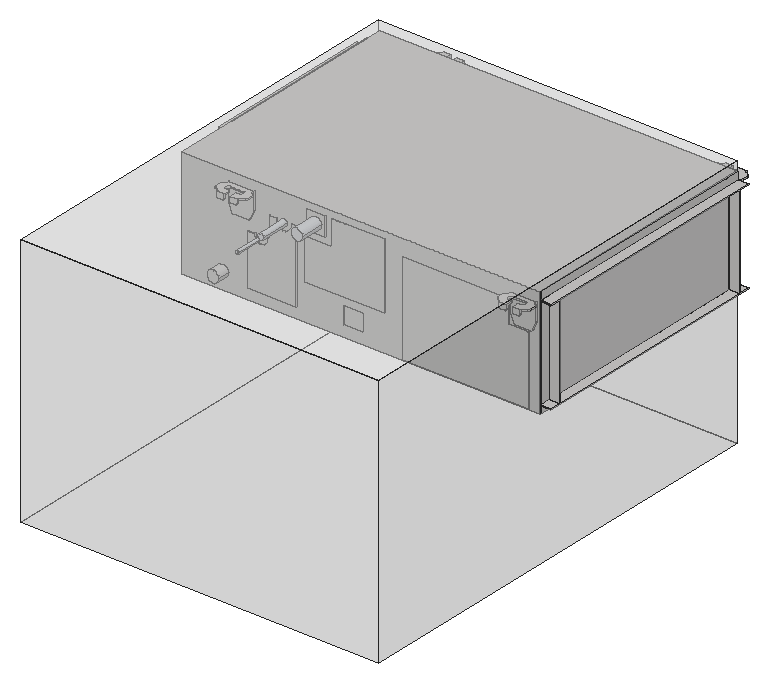
Revit family "outputfile", category 機械設備, Revit 2024
Family settings
  丸型コネクタ寸法 = 半径を使用
  パーツ タイプ = 標準
  OmniClass 番号 = 23.75.10.24.21.27.27
  OmniClass タイトル = Split System Air Conditioning Units
  作業面ベース = いいえ
  常に垂直 = はい
  ロード時にボイドで切り取り = いいえ
  注釈の向きを維持 = いいえ
  共有 = いいえ
  部屋計算ポイント = はい
Parameters (values of type "FXSQ20PAVE8")
  Description = ""
  製造元 = "Daikin"
  書き出し IFC クラス(タイプ) = "IfcUnitaryEquipmentType"
  定義済み IFC タイプ(タイプ) = "AIRCONDITIONINGUNIT"
  Cost = 0
  モデル = "FXSQ20PAVE8"
  Type Comments = ""
  Keynote = ""
  Type Image = (empty or 0)
  Assembly Code = ""
  r_Liquid Pipe Size = Liquid Pipe Size / 2  # 3.2 mm
  r_Gas Pipe Size = Gas Pipe Size / 2  # 6.35 mm
  r_Drain Pipe Size = Drain Pipe Size / 2  # 12.5 mm
  lw_power = 770.0 mm  # constant formula
  lh_SA = 138.0 mm  # constant formula
  lw_SA = if(Depth = 550.0 mm, 225.0 mm, if(Depth = 700.0 mm, 300.0 mm, if(Depth = 1000.0 mm, 450.0 mm, if(Depth = 1400.0 mm, 650.0 mm, 725.0 mm))))  # 225.0 mm
  lw_RA = if(Depth = 550.0 mm, 275.0 mm, if(Depth = 700.0 mm, 349.0 mm, if(Depth = 1000.0 mm, 499.0 mm, if(Depth = 1400.0 mm, 699.0 mm, 775.0 mm))))  # 275.0 mm
  lh_power = 60.0 mm + [h***]  # 60.0 mm
  lh_mountinghole1 = lh_mountinghole + [h***]  # 222.0 mm
  lh_RA = 123.0 mm  # constant formula
  ld_power = Depth / 2  # 275.0 mm
  Voltage_comment_60Hz = "220"
  Voltage_comment_50Hz = "220-240"
  Voltage_60Hz = 220 V
  Voltage_50Hz = 220 V
  URL = ""
  Supply Air Direction [instance] = yes
  Sound Power Level_H speed (dB) = 61
  Phase_60Hz = 1
  Phase_50Hz = 1
  Minimum External Static Pressure = 30.00 Pa
  Minimum Circuit Amps_60Hz = 0.8 A
  Minimum Circuit Amps_50Hz = 0.8 A
  Maximum Fuse Amps_60Hz = 16.0 A
  Maximum Fuse Amps_50Hz = 16.0 A
  Maximum External Static Pressure = 150.00 Pa
  Material_Casing = DAIKIN_GalvanizedSteel_Casing_indoorunit
  lw_mountinghole = 630.0 mm  # constant formula
  lh_gaspipe = 183.0 mm + [h***]  # 183.0 mm
  lh_mountinghole = 222.0 mm  # constant formula
  lh_liquidpipe = 136.0 mm + [h***]  # 136.0 mm
  lh_drainpipe = 207.0 mm + [h***]  # 207.0 mm
  lh_antena = Height - lh_mountinghole + 1.0 mm  # 24.0 mm
  ld_drainpipe = Depth / 2 + 53.0 mm  # 328.0 mm
  ld_liquidpipe = Depth / 2 + 69.0 mm  # 344.0 mm
  ld_gaspipe = Depth / 2 + 65.0 mm  # 340.0 mm
  ld_mountinghole = Depth + 38.0 mm  # 588.0 mm
  h*** = 0.0 mm  # constant formula
  lw_liquidpipe = 179.0 mm  # constant formula
  lw_gaspipe = 229.0 mm  # constant formula
  lw_drainpipe = 300.0 mm  # constant formula
  Width = 800.0 mm
  Version = "ver.1.0"
  Unit Type = "Middle Static Pressure Duct Type"
  Unit Mass Weight = 25.00 kg
  Unit Designation [instance] = ""
  Uniclass2015Version = "Products v1.30"
  Uniclass2015Title = "Variable refrigerant flow units"
  Uniclass2015Code = "Pr_70_65_03_94"
  Total Heating Capacity [instance] = 0.000 kW
  Total Cooling Capacity [instance] = 0.000 kW
  Sound Pressure Level_M speed (dBA) = 0
  Sound Pressure Level_L speed (dBA) = 28
  Sound Pressure Level_H speed (dBA) = 33
  Series = "VRV Fan Coil Unit"
  Sensible Cooling Capacity [instance] = 0.000 kW
  SA Duct Size Width = if(Depth = 550.0 mm, 337.0 mm, if(Depth = 700.0 mm, 492.0 mm, if(Depth = 1000.0 mm, 792.0 mm, if(Depth = 1400.0 mm, 1192.0 mm, 1337.0 mm))))  # 337.0 mm
  SA Duct Size Height = 176.0 mm
  Refrigerant Type = "R410A"
  RA Duct Size Width = if(Depth = 550.0 mm, 502.0 mm, if(Depth = 700.0 mm, 654.0 mm, if(Depth = 1000.0 mm, 952.0 mm, if(Depth = 1400.0 mm, 1352.0 mm, 1502.0 mm))))  # 502.0 mm
  RA Duct Size Height = 208.0 mm
  Power Input (Heating) = 0.099 kW
  Power Input (Cooling) = 0.104 kW
  Option Accessory 3 [instance] = ""
  Option Accessory 2 [instance] = ""
  Option Accessory 1 [instance] = ""
  Nominal Heating Capacity = 2.500 kW
  Nominal Cooling Capacity = 2.200 kW
  Minimum Airflow = 390.00 m³/h
  Median Airflow = 450.00 m³/h
  Maximum Airflow = 540.00 m³/h
  Load Classification = HVAC
  Liquid Pipe Size = 6.4 mm
  Link_Nested Family [instance] = ""
  IfcVersion = "0"
  IfcExportType = "AIRCONDITIONINGUNIT"
  IfcExportAs = "IfcUnitaryEquipmentType"
  Height = 245.0 mm
  Heating Entering Wet Bulb Temperature [instance] = 0.00 °C
  Heating Entering Dry Bulb Temperature [instance] = 0.00 °C
  Heating Ambient Wet Bulb Temperature [instance] = 0.00 °C
  Heating Ambient Dry Bulb Temperature [instance] = 0.00 °C
  Heat Exchanger Type = "Cross Fin Coil"
  Gas Pipe Size = 12.7 mm
  Frequency_60Hz = 60 Hz
  Frequency_50Hz = 50 Hz
  Fan Type = "Sirocco Fan"
  Fan Drive = "Direct Drive"
  FCU Tag No. [instance] = ""
  Drain Pipe Size = 25.0 mm
  Design Supply Airflow [instance] = 0.00 m³/h
  Design Return Airflow [instance] = 0.00 m³/h
  Design External Static Pressure [instance] = 0.00 Pa
  Depth = 550.0 mm
  既定の高さ = 0.0 mm
  Cooling Entering Wet Bulb Temperature [instance] = 0.00 °C
  Cooling Entering Dry Bulb Temperature [instance] = 0.00 °C
  Cooling Ambient Wet Bulb Temperature [instance] = 0.00 °C
  Cooling Ambient Dry Bulb Temperature [instance] = 0.00 °C
  Clearance visibility [instance] = yes
  Clearance Top = 20.0 mm
  Clearance Right = 0.0 mm
  Clearance Rear = 0.0 mm
  Clearance Left = 0.0 mm
  Clearance Front = 450.0 mm
  Clearance Bottom = 300.0 mm
Reference planes
  plane 1 "Center (Front/Back)": y = 0
  plane 2 "h": z = 0
  plane 3 "Center (Left/Right)": x = 0
  plane 4 "Back": y = 275
  plane 5 "Front": y = -275
  plane 6 "Left": x = -400
  plane 7 "Reight": x = 400
  plane 8 "Top": z = 0
  plane 9 "Bottom": z = -245
  plane 10: y = -215
  plane 11: y = 275
  plane 12: y = -725
  plane 13: x = -400
  plane 14: x = 400
  plane 15: z = 20
  plane 16: z = -545
  plane 17: x = -400
  plane 18: x = -399
  plane 19: x = 399
  plane 20: y = 50
  plane 21: y = 0
  plane 22: z = -122
  plane 23: y = -276
  plane 24: z = -109
  plane 25: x = -221
  plane 26: y = -340
  plane 27: z = -62
  plane 28: x = -171
  plane 29: y = -328
  plane 30: z = -38
  plane 31: x = -100
  plane 32: x = -100
  plane 33: x = -221
  plane 34: x = -171
  plane 35: x = 370
  plane 36: x = -266
  plane 37: x = 364
  plane 38: y = -294
  plane 39: y = 294
  plane 40: z = -23
  plane 41: z = -107
  plane 42: y = -344
  plane 43: z = -207
  plane 44: x = -309
  plane 45: y = -301
  plane 46: x = -251
  plane 47: x = -203
  plane 48: x = -144
  plane 49: z = -59
  plane 50: z = -106
  plane 51: z = -221
  plane 52: z = -109
  plane 53: x = -221
  plane 54: z = -62
  plane 55: x = -171
  plane 56: z = -17
  plane 57: z = -59
  plane 58: x = -121
  plane 59: x = -79
  plane 60: x = -125
  plane 61: x = -64
  plane 62: x = 53
  plane 63: z = -164
  plane 64: z = -73
  plane 65: z = -16
  plane 66: x = 93.5
  plane 67: x = 374.5
  plane 68: x = 330
  plane 69: z = -88.5
  plane 70: z = -38
  plane 71: z = -242.5
  plane 72: x = -38.5
  plane 73: x = 6.5
  plane 74: z = -181
  plane 75: z = -221
  plane 76: y = -274
  plane 77: x = -424
  plane 78: x = 424
Forms (mm)
  Extrusion 1, solid, material "DAIKIN_GalvanizedSteel_Casing_indoorunit" <- "Material_Casing"
    sketch origin (0, 0, 0) x (1, 0, 0) y (0, 1, 0)
      loop
        line (-399, 275) -> (-399, -275) -> (399, -275) -> (399, 275) -> (-399, 275)
    from -245 to 0
  Extrusion 2, solid, material "DAIKIN_GalvanizedSteel_Casing_indoorunit" <- "Material_Casing"
    sketch origin (0, 0, 0) x (1, 0, 0) y (0, 0, 1)
      loop
        line (-251, -221) -> (-144, -221) -> (-144, -59) -> (-154.47, -59)
        arc (-154.47, -59) -> (-171, -78.8) -> (-187.53, -59) r 16.8
        line (-187.53, -59) -> (-203, -59) -> (-203, -106) -> (-206.916, -106)
        arc (-206.916, -106) -> (-221, -123.4) -> (-235.084, -106) r 14.4
        line (-235.084, -106) -> (-251, -106) -> (-251, -221)
    from 275 to 276
  Extrusion 3, solid, material "DAIKIN_GalvanizedSteel_Casing_indoorunit" <- "Material_Casing"
    sketch origin (0, 0, 0) x (1, 0, 0) y (0, 0, 1)
      loop
        line (-121, -17) -> (-121, -59) -> (-79, -59) -> (-79, -17) -> (-121, -17)
      loop
        line (-125, -73) -> (-125, -164) -> (53, -164) -> (53, -16) -> (-64, -16) -> (-64, -73) -> (-125, -73)
    from 275 to 276
  Extrusion 4, solid, material "DAIKIN_GalvanizedSteel_Casing_indoorunit" <- "Material_Casing"
    sketch origin (0, 0, 0) x (1, 0, 0) y (0, 0, 1)
      loop
        line (93.5, -38) -> (93.5, -242.5) -> (374.5, -242.5) -> (374.5, -88.5) -> (330, -88.5) -> (330, -38) -> (93.5, -38)
    from 275 to 276
  Extrusion 5, solid
    sketch origin (0, 0, 0) x (1, 0, 0) y (0, 0, 1)
      loop
        circle (-221, -109) r 3.2
    from 275 to 344
  Extrusion 6, solid
    sketch origin (0, 0, 0) x (1, 0, 0) y (0, 0, 1)
      loop
        circle (-171, -62) r 6.35
    from 275 to 340
  Extrusion 7, solid
    sketch origin (0, 0, 0) x (1, 0, 0) y (0, 0, 1)
      loop
        circle (-100, -38) r 12.5
    from 276 to 328
  Extrusion 8, solid, material "DAIKIN_GalvanizedSteel_Casing_indoorunit" <- "Material_Casing"
    sketch origin (0, 0, 0) x (1, 0, 0) y (0, 0, 1)
      loop
        circle (-309, -207) r 13
    from 275 to 301
  Extrusion 9, void
    sketch origin (0, 0, 0) x (1, 0, 0) y (0, 0, 1)
      loop
        line (-38.5, -181) -> (-38.5, -221) -> (6.5, -221) -> (6.5, -181) -> (-38.5, -181)
    from 274 to 275
Cuts and joins
  Extrusion 9 cuts Extrusion 1
Dimensions and locks
  "Height": plane 8 "Top" to plane 9 "Bottom"
  equal spacing: plane 4 "Back", plane 1 "Center (Front/Back)", plane 5 "Front"
  "Depth": plane 4 "Back" to plane 5 "Front"
  equal spacing: plane 6 "Left", plane 3 "Center (Left/Right)", plane 7 "Reight"
  "Width": plane 6 "Left" to plane 7 "Reight"
  "Clearance Left": plane 13 to plane 6 "Left"
  "Clearance Right": plane 7 "Reight" to plane 14
  "Clearance Rear": plane 11 to plane 4 "Back"
  "Clearance Front": plane 5 "Front" to plane 12
  "Clearance Top": plane 15 to plane 8 "Top"
  "Clearance Bottom": plane 9 "Bottom" to plane 16
  locked: plane 17 to plane 18 at 1
  locked: plane 19 to plane 14 at 1
  "lw_SA": plane 11 to plane 20
  "lw_RA": plane 21 to plane 5 "Front"
  "lh_RA": plane 22 to plane 9 "Bottom"
  locked: plane 5 "Front" to plane 23 at 1
  "lw_liquidpipe": plane 25 to plane 6 "Left"
  "lh_liquidpipe": plane 24 to plane 9 "Bottom"
  "lh_gaspipe": plane 27 to plane 9 "Bottom"
  "lw_gaspipe": plane 28 to plane 6 "Left"
  "ld_gaspipe": plane 26 to plane 1 "Center (Front/Back)"
  "ld_drainpipe": plane 29 to plane 1 "Center (Front/Back)"
  "lh_drainpipe": plane 30 to plane 9 "Bottom"
  "lw_drainpipe": plane 31 to plane 6 "Left"
  "lw_drainpipe": plane 6 "Left" to plane 32
  "lw_liquidpipe": plane 6 "Left" to plane 33
  "lw_gaspipe": plane 6 "Left" to plane 34
  "lw_power": plane 6 "Left" to plane 35
  locked: plane 17 to plane 36 at 134
  "lw_mountinghole": plane 36 to plane 37
  equal spacing: plane 38, plane 1 "Center (Front/Back)", plane 39
  "ld_mountinghole": plane 39 to plane 38
  "lh_mountinghole": plane 40 to plane 9 "Bottom"
  "lh_SA": plane 41 to plane 9 "Bottom"
  "ld_liquidpipe": plane 21 to plane 42
  locked: plane 44 to plane 6 "Left" at 91
  locked: plane 43 to plane 9 "Bottom" at 38
  locked: plane 5 "Front" to plane 45 at 26
  plane 48 to plane 47 to plane 46 to plane 6 "Left" = 59.0 mm, 48.0 mm, 149.0 mm
  plane 8 "Top" to plane 49 to plane 50 to plane 51 = 59.0 mm locked, 47.0 mm locked, 115.0 mm locked
  plane 55 to plane 53 to plane 6 "Left" = 50.0 mm locked, 179.0 mm locked
  plane 54 to plane 52 to plane 9 "Bottom" = 47.0 mm locked, 136.0 mm locked
  plane 59 to plane 58 to plane 6 "Left" = 42.0 mm locked, 279.0 mm locked
  plane 8 "Top" to plane 56 to plane 57 = 17.0 mm locked, 42.0 mm locked
  plane 62 to plane 61 to plane 60 to plane 6 "Left" = 117.0 mm, 61.0 mm, 275.0 mm
  plane 8 "Top" to plane 65 to plane 64 = 16.0 mm locked, 57.0 mm locked
  locked: plane 65 to plane 63 at 148
  plane 8 "Top" to plane 70 to plane 69 to plane 71 = 38.0 mm locked, 50.5 mm locked, 154.0 mm locked
  plane 67 to plane 68 to plane 66 to plane 6 "Left" = 44.5 mm locked, 236.5 mm locked, 493.5 mm locked
  plane 8 "Top" to plane 74 to plane 75 = 181.0 mm locked, 40.0 mm locked
  plane 73 to plane 72 to plane 6 "Left" = 45.0 mm, 361.5 mm
  locked: plane 76 to plane 5 "Front" at 1
  locked: plane 77 to plane 17 at 24
  locked: plane 14 to plane 78 at 24
  "r_Liquid Pipe Size": radius of Extrusion 5 sketch curve
  "r_Gas Pipe Size": radius of Extrusion 6 sketch curve
  "r_Drain Pipe Size": radius of Extrusion 7 sketch curve
  aligned and locked: level to plane 2 "h"
  aligned and locked: plane 8 "Top" to Extrusion 1
  aligned and locked: Extrusion 1 to plane 9 "Bottom"
  aligned and locked: nested 5 to plane 12
  aligned and locked: plane 13 to nested 5
  aligned and locked: plane 14 to nested 5
  aligned and locked: nested 5 to plane 13
  aligned and locked: plane 11 to nested 5
  aligned and locked: plane 15 to nested 5
  aligned and locked: plane 16 to nested 5
  aligned and locked: plane 5 "Front" to Extrusion 1 sketch curve
  aligned and locked: Extrusion 1 to plane 18
  aligned and locked: plane 19 to Extrusion 1
  aligned and locked: nested 7 to plane 18
  aligned and locked: nested 7 to plane 20
  aligned and locked: plane 19 to nested 8
  aligned and locked: plane 21 to nested 8
  aligned and locked: plane 22 to nested 8
  aligned and locked: Extrusion 2 to plane 23
  aligned and locked: plane 5 "Front" to Extrusion 2
  aligned and locked: Extrusion 3 to plane 23
  aligned and locked: plane 5 "Front" to Extrusion 3
  aligned and locked: plane 5 "Front" to Extrusion 4
  aligned and locked: Extrusion 5 sketch curve to plane 25
  aligned and locked: plane 24 to Extrusion 5 sketch curve
  aligned and locked: plane 5 "Front" to Extrusion 5
  aligned and locked: Extrusion 6 sketch curve to plane 28
  aligned and locked: plane 27 to Extrusion 6 sketch curve
  aligned and locked: plane 5 "Front" to Extrusion 6
  aligned and locked: Extrusion 7 sketch curve to plane 31
  aligned and locked: Extrusion 7 sketch curve to plane 30
  aligned and locked: Extrusion 7 to plane 29
  aligned and locked: plane 23 to Extrusion 7
  aligned and locked: nested 3 to plane 29
  aligned and locked: plane 32 to nested 3
  aligned and locked: nested 2 to plane 33
  aligned and locked: nested 1 to plane 34
  aligned and locked: Extrusion 6 to plane 26
  aligned and locked: nested 1 to plane 26
  aligned and locked: nested 6 to plane 5 "Front"
  aligned and locked: plane 35 to nested 6
  aligned and locked: plane 36 to nested 10
  aligned and locked: nested 10 to plane 5 "Front"
  aligned and locked: plane 37 to nested 9
  aligned and locked: nested 9 to plane 5 "Front"
  aligned and locked: nested 11 to plane 36
  aligned and locked: plane 4 "Back" to nested 11
  aligned and locked: nested 12 to plane 37
  aligned and locked: plane 4 "Back" to nested 12
  aligned and locked: plane 40 to nested 10
  aligned and locked: plane 40 to nested 11
  aligned and locked: plane 40 to nested 9
  aligned and locked: plane 40 to nested 12
  aligned and locked: plane 36 to nested 14
  aligned and locked: nested 14 to plane 39
  aligned and locked: plane 37 to nested 13
  aligned and locked: nested 13 to plane 39
  aligned and locked: plane 37 to nested 16
  aligned and locked: plane 38 to nested 16
  aligned and locked: plane 38 to nested 15
  aligned and locked: plane 36 to nested 15
  aligned and locked: plane 17 to plane 6 "Left"
  aligned and locked: plane 41 to nested 7
  aligned and locked: Extrusion 5 to plane 42
  aligned and locked: nested 2 to plane 42
  aligned and locked: Extrusion 8 sketch curve to plane 44
  aligned and locked: plane 43 to Extrusion 8 sketch curve
  aligned and locked: plane 5 "Front" to Extrusion 8
  aligned and locked: plane 45 to Extrusion 8
  aligned and locked: Extrusion 3 sketch curve to plane 56
  aligned and locked: Extrusion 3 sketch curve to plane 58
  aligned and locked: plane 57 to Extrusion 3 sketch curve
  aligned and locked: plane 59 to Extrusion 3 sketch curve
  aligned and locked: Extrusion 4 to plane 23
  aligned and locked: Extrusion 9 sketch curve to plane 74
  aligned and locked: plane 75 to Extrusion 9 sketch curve
  aligned and locked: plane 73 to Extrusion 9 sketch curve
  aligned and locked: plane 5 "Front" to Extrusion 9
  aligned and locked: plane 76 to Extrusion 9
  aligned and locked: nested 17 to plane 20
  aligned and locked: nested 17 to plane 77
  aligned and locked: plane 21 to nested 18
  aligned and locked: plane 78 to nested 18
  aligned and locked: plane 41 to nested 17
  aligned and locked: nested 18 to plane 22
  aligned and locked: nested 4 to plane 3 "Center (Left/Right)"
  aligned and locked: plane 1 "Center (Front/Back)" to nested 4
  aligned and locked: level to plane 8 "Top"
Automatic sketch dimensions
  plane 6 "Left" to Extrusion 1 sketch curve = 1.0 mm
  Extrusion 1 sketch curve to plane 7 "Reight" = 1.0 mm
  Extrusion 1 sketch curve to plane 4 "Back" = 0.0 mm
  Extrusion 2 sketch curve to plane 46 = 0.0 mm
  Extrusion 2 sketch curve to plane 33 = 0.0 mm
  Extrusion 2 sketch curve to plane 47 = 0.0 mm
  Extrusion 2 sketch curve to plane 34 = 0.0 mm
  Extrusion 2 sketch curve to plane 48 = 0.0 mm
  Extrusion 2 sketch curve to plane 51 = 0.0 mm
  Extrusion 2 sketch curve to plane 52 = 0.0 mm
  Extrusion 2 sketch curve to plane 50 = 0.0 mm  (x3)
  Extrusion 2 sketch curve to plane 54 = 0.0 mm
  Extrusion 2 sketch curve to plane 49 = 0.0 mm  (x3)
  plane 33 to Extrusion 2 sketch curve = 14.084 mm
  plane 34 to Extrusion 2 sketch curve = 16.53 mm
  Extrusion 3 sketch curve to plane 60 = 0.0 mm
  Extrusion 3 sketch curve to plane 61 = 0.0 mm
  Extrusion 3 sketch curve to plane 62 = 0.0 mm
  Extrusion 3 sketch curve to plane 63 = 0.0 mm
  Extrusion 3 sketch curve to plane 64 = 0.0 mm
  Extrusion 3 sketch curve to plane 65 = 0.0 mm
  Extrusion 4 sketch curve to plane 66 = 0.0 mm
  Extrusion 4 sketch curve to plane 68 = 0.0 mm
  Extrusion 4 sketch curve to plane 67 = 0.0 mm
  Extrusion 4 sketch curve to plane 71 = 0.0 mm
  Extrusion 4 sketch curve to plane 69 = 0.0 mm
  Extrusion 4 sketch curve to plane 70 = 0.0 mm
  Extrusion 9 sketch curve to plane 72 = 0.0 mm
  radius of Extrusion 8 sketch curve = 13.0 mm
Nested families
  nested 1: "daikin_connector_rotate2" at (-171, 0, -62), length <- "ld_gaspipe", built-in parameter 1001364 <- "lh_gaspipe", radius <- "r_Gas Pipe Size", type "daikin_connector_rotate2"
    with radius 6.35 mm, length 340.0 mm, angle_vertical 90.00°
  nested 2: "daikin_connector_rotate2" at (-221, 0, -109), length <- "ld_liquidpipe", built-in parameter 1001364 <- "lh_liquidpipe", radius <- "r_Liquid Pipe Size", type "daikin_connector_rotate2"
    with radius 3.2 mm, length 344.0 mm, angle_vertical 90.00°
  nested 3: "daikin_connector_rotate2" at (-100, 0, -38), length <- "ld_drainpipe", built-in parameter 1001364 <- "lh_drainpipe", radius <- "r_Drain Pipe Size", type "daikin_connector_rotate2"
    with radius 12.5 mm, length 328.0 mm, angle_vertical 90.00°
  nested 4: "daikin_△_symbolicline" at (0, 0, 245) x (0, -1, 0) z (0, 0, 1), built-in parameter 1001364 <- "Height", visible <- "Supply Air Direction", type "daikin_△_symbolicline"
    with length 200.0 mm
  nested 5: "daikin_clearancespace" at (0, -225, -262.381), visible <- "Clearance visibility", show <- "Clearance visibility", Link_Nested Family <- "Link_Nested Family", type "daikin_clearancespace"
    with width 800.0 mm, show yes, height 565.0 mm, depth 1000.0 mm, Link_Nested Family ""
  nested 6: "daikin_connector_rotate2" at (370, 0, -185), built-in parameter 1001364 <- "lh_power", length <- "ld_power", type "daikin_connector_rotate2"
    with radius 10.0 mm, length 275.0 mm, angle_vertical 90.00°
  nested 7: "daikin_ductflange_FXSQ-PAVE8_2" at (-399, 50, -107) x (0, -1, 0) z (0, 0, 1), type "daikin_ductflange_FXSQ-PAVE8_2"
  nested 8: "daikin_ductflange_FXSQ-PAVE8_1" at (399, 0, -122) x (0, 1, 0) z (0, 0, 1), type "daikin_ductflange_FXSQ-PAVE8_1"
  nested 9: "daikin_hangerfixture_FXSQ-PAVE8" at (364, -275, -23), type "daikin_hangerfixture_FXSQ-PAVE8"
  nested 10: "daikin_hangerfixture_FXSQ-PAVE8" at (-266, -275, -23), type "daikin_hangerfixture_FXSQ-PAVE8"
  nested 11: "daikin_hangerfixture_FXSQ-PAVE8" at (-266, 275, -23) x (-1, 0, 0) z (0, 0, 1), type "daikin_hangerfixture_FXSQ-PAVE8"
  nested 12: "daikin_hangerfixture_FXSQ-PAVE8" at (364, 275, -23) x (-1, 0, 0) z (0, 0, 1), type "daikin_hangerfixture_FXSQ-PAVE8"
  nested 13: "daikin_mountinghole" at (364, 294, -245), h_mountinghole <- "lh_mountinghole1", l_antenna <- "lh_antena", Link_Nested Family <- "Link_Nested Family", type "daikin_mountinghole"
    with show yes, l_antenna 24.0 mm, h_mountinghole 222.0 mm, Link_Nested Family ""
  nested 14: "daikin_mountinghole" at (-266, 294, -245), h_mountinghole <- "lh_mountinghole1", l_antenna <- "lh_antena", Link_Nested Family <- "Link_Nested Family", type "daikin_mountinghole"
    with show yes, l_antenna 24.0 mm, h_mountinghole 222.0 mm, Link_Nested Family ""
  nested 15: "daikin_mountinghole" at (-266, -294, -245), h_mountinghole <- "lh_mountinghole1", l_antenna <- "lh_antena", Link_Nested Family <- "Link_Nested Family", type "daikin_mountinghole"
    with show yes, l_antenna 24.0 mm, h_mountinghole 222.0 mm, Link_Nested Family ""
  nested 16: "daikin_mountinghole" at (364, -294, -245), h_mountinghole <- "lh_mountinghole1", l_antenna <- "lh_antena", Link_Nested Family <- "Link_Nested Family", type "daikin_mountinghole"
    with show yes, l_antenna 24.0 mm, h_mountinghole 222.0 mm, Link_Nested Family ""
  nested 17: "daikin_connector_rotate2" at (-400, 50, -107) x (0, -1, 0) z (0, 0, 1), type "daikin_connector_rotate2"
    with radius 10.0 mm, length 24.0 mm, angle_vertical 90.00°
  nested 18: "daikin_connector_rotate2" at (400, 0, -122) x (0, 1, 0) z (0, 0, 1), type "daikin_connector_rotate2"
    with radius 10.0 mm, length 24.0 mm, angle_vertical 90.00°
Connectors
  piping at (-100, -328, -38), diameter 25, driven by "r_Drain Pipe Size"
    settings: on nested 3, index 3, connector inside diameter 609.6 mm, connector length 0.0 mm, flow factor 0, pipe flow 0.00 m³/h, pressure drop 0.0 Pa, fitting loss kfactor 0, connector angle 0.00°, fixture units 0, engagement length 0.0 mm, angle of deflection 0.00°, flow configuration 1, flow direction 2, fitting loss method 4, system type 16, joint type 0, gender type 0, connector reference index -1, connector utility 0, adjustable connector no, is connector primary yes, connector description "Condensate Drain Piping"
  piping at (-171, -340, -62), diameter 12.7, driven by "r_Gas Pipe Size"
    settings: on nested 1, index 4, connector inside diameter 609.6 mm, connector length 0.0 mm, flow factor 0, pipe flow 0.00 m³/h, pressure drop 0.0 Pa, fitting loss kfactor 0, connector angle 0.00°, fixture units 0, engagement length 0.0 mm, angle of deflection 0.00°, flow configuration 1, flow direction 2, fitting loss method 0, system type 29, joint type 0, gender type 0, connector reference index -1, connector utility 0, adjustable connector no, is connector primary no, connector description "Refrigerant Gas Piping"
  piping at (-221, -344, -109), diameter 6.4, driven by "r_Liquid Pipe Size"
    settings: on nested 2, index 5, connector inside diameter 609.6 mm, connector length 0.0 mm, flow factor 0, pipe flow 0.00 m³/h, pressure drop 0.0 Pa, fitting loss kfactor 0, connector angle 0.00°, fixture units 0, engagement length 0.0 mm, angle of deflection 0.00°, flow configuration 1, flow direction 1, fitting loss method 0, system type 29, joint type 0, gender type 0, connector reference index -1, connector utility 0, adjustable connector no, is connector primary no, connector description "Refrigerant Liquid Piping"
  electrical at (370, -275, -185), driven by "Load Classification"
    settings: on nested 6, index 6, voltage 0 V, apparent load 0 VA, apparent load phase1 0 VA, apparent load phase2 0 VA, apparent load phase3 0 VA, power factor 1, load classification "HVAC", number of poles 1, system type 30, power factor state 1, is connector primary yes, connector utility no, sub classification motor no, connector description "Power Supply"
  hvac at (-424, 50, -107), driven by "SA Duct Size Height", driven by "SA Duct Size Width"
    settings: on nested 17, index 7, duct flow 0.00 m³/h, flow factor 0, pres drop 0.00 Pa, loss coef 0, conn angle 0.00°, conn width 337.0 mm, conn height 176.0 mm, conn diameter 609.6 mm, duct sys type 1, conn prof type 1, flow config 0, flow direction 2, loss method 4, conn ref index -1, conn util no, is conn primary yes, conn desc "SA Duct"
  hvac at (424, 0, -122), driven by "RA Duct Size Height", driven by "RA Duct Size Width"
    settings: on nested 18, index 8, duct flow 0.00 m³/h, flow factor 0, pres drop 0.00 Pa, loss coef 0, conn angle 0.00°, conn width 502.0 mm, conn height 208.0 mm, conn diameter 609.6 mm, duct sys type 2, conn prof type 1, flow config 0, flow direction 1, loss method 4, conn ref index -1, conn util no, is conn primary no, conn desc "RA Duct"
Definition of nested family "daikin_clearancespace"
  Parameters (values of type "daikin_clearancespace")
    width [instance] = 1823.963 mm
    show [instance] = yes
    material = none
    height [instance] = 1359.762 mm
    depth [instance] = 880.0 mm
    Default Elevation = 0.0 mm
    Link_Nested Family [instance] = ""
  Reference planes
    plane 1 "Center (Front/Back)": y = 0
    plane 2 "Center (Elevation)": z = -0.119
    plane 3 "Center (Left/Right)": x = 0
    plane 4: y = 440
    plane 5: y = -440
    plane 6 "Right": x = 911.982
    plane 7 "Left": x = -911.982
    plane 8 "Top": z = 679.762
    plane 9 "Bottom": z = -680
  Forms (mm)
    Extrusion 1, solid, material <- "material", visible <- "show"
      sketch origin (0, 0, 0) x (1, 0, 0) y (0, 1, 0)
        loop
          line (-911.982, 440) -> (-911.982, -440) -> (911.982, -440) -> (911.982, 440) -> (-911.982, 440)
      from -680 to 679.762
  Lines and regions (mm)
    symbolic lines, visible <- "show"
      curve 1: line (911.982, 440, 0) -> (-911.982, 440, 0)
      curve 2: line (-911.982, 440, 0) -> (-911.982, -440, 0)
      curve 3: line (-911.982, -440, 0) -> (911.982, -440, 0)
      curve 4: line (911.982, -440, 0) -> (911.982, 440, 0)
      curve 5: line (911.982, 0, 679.762) -> (-911.982, 0, 679.762)
      curve 6: line (911.982, 0, -680) -> (911.982, 0, 679.762)
      curve 7: line (-911.982, 0, -680) -> (911.982, 0, -680)
      curve 8: line (-911.982, 0, 679.762) -> (-911.982, 0, -680)
      curve 9: line (0, 440, 679.762) -> (0, -440, 679.762)
      curve 10: line (0, -440, 679.762) -> (0, -440, -680)
      curve 11: line (0, 440, -680) -> (0, 440, 679.762)
      curve 12: line (0, -440, -680) -> (0, 440, -680)
  Dimensions and locks
    "width": plane 7 "Left" to plane 6 "Right"
    "depth": plane 4 to plane 5
    "height": plane 8 "Top" to plane 9 "Bottom"
    equal spacing: plane 7 "Left", plane 3 "Center (Left/Right)", plane 6 "Right"
    equal spacing: plane 4, plane 1 "Center (Front/Back)", plane 5
    equal spacing: plane 8 "Top", plane 2 "Center (Elevation)", plane 9 "Bottom"
    aligned and locked: level to plane 2 "Center (Elevation)"
    aligned and locked: Extrusion 1 sketch curve to plane 4
    aligned and locked: plane 7 "Left" to Extrusion 1 sketch curve
    aligned and locked: Extrusion 1 sketch curve to plane 5
    aligned and locked: Extrusion 1 sketch curve to plane 6 "Right"
    aligned and locked: plane 8 "Top" to Extrusion 1
    aligned and locked: curve 1 to Extrusion 1
    aligned and locked: curve 2 to Extrusion 1
    aligned and locked: curve 3 to Extrusion 1
    aligned and locked: curve 4 to Extrusion 1
    aligned and locked: curve 5 to Extrusion 1
    aligned and locked: curve 6 to Extrusion 1
    aligned and locked: curve 7 to Extrusion 1
    aligned and locked: curve 8 to Extrusion 1
    aligned and locked: curve 9 to Extrusion 1
    aligned and locked: curve 10 to Extrusion 1
    aligned and locked: curve 11 to Extrusion 1
    aligned and locked: curve 12 to Extrusion 1
    aligned and locked: Extrusion 1 to plane 9 "Bottom"
Definition of nested family "daikin_ductflange_FXSQ-PAVE8_2"
  Parameters (values of type "daikin_ductflange_FXMQ-PAVE2")
    width = if(w = 550.0 mm, 337.0 mm, if(w = 700.0 mm, 492.0 mm, if(w = 1000.0 mm, 792.0 mm, if(w = 1400.0 mm, 1192.0 mm, 1337.0 mm))))  # 337.0 mm
    material = none
    height = 215.0 mm
    depth = 1.0 mm
    w = 550.0 mm
    Default Elevation = 0.0 mm
  Reference planes
    plane 1 "Center (Front/Back)": y = 0
    plane 2: z = 0
    plane 3 "Center (Left/Right)": x = 0
    plane 4: z = 88
    plane 5: z = -88
    plane 6: y = -25
    plane 7: z = 106
    plane 8: z = 89
    plane 9: y = -1
    plane 10: x = -192.5
    plane 11: x = 192.5
    plane 12: z = -106
    plane 13: z = -89
    plane 14: y = -1
    plane 15: x = 168.5
    plane 16: x = -168.5
    plane 17: x = 169.5
    plane 18: z = 87
    plane 19: z = -87
    plane 20: x = -169.5
    plane 21: z = 87
    plane 22: z = -87
    plane 23: y = -1
  Forms (mm)
    Extrusion 1, solid, material <- "material"
      sketch origin (0, 0, 0) x (0, 1, 0) y (0, 0, 1)
        loop
          line (-25, 88) -> (0, 88) -> (0, 106) -> (-1, 106) -> (-1, 89) -> (-25, 89) -> (-25, 88)
      from -192.5 to 192.5
    Extrusion 2, solid, material <- "material"
      sketch origin (0, 0, 0) x (0, 1, 0) y (0, 0, 1)
        loop
          line (-25, -88) -> (-25, -89) -> (-1, -89) -> (-1, -106) -> (0, -106) -> (0, -88) -> (-25, -88)
      from -192.5 to 192.5
    Extrusion 3, solid, material <- "material"
      sketch origin (0, 0, 0) x (1, 0, 0) y (0, 0, 1)
        loop
          line (168.5, 88) -> (168.5, -88) -> (192.5, -88) -> (192.5, -87) -> (169.5, -87) -> (169.5, 87) -> (192.5, 87) -> (192.5, 88) -> (168.5, 88)
      from 0 to 25
    Extrusion 4, solid, material <- "material"
      sketch origin (0, 0, 0) x (1, 0, 0) y (0, 0, 1)
        loop
          line (-192.5, 88) -> (-192.5, 87) -> (-169.5, 87) -> (-169.5, -87) -> (-192.5, -87) -> (-192.5, -88) -> (-168.5, -88) -> (-168.5, 88) -> (-192.5, 88)
      from 0 to 25
    Extrusion 5, solid, material <- "material"
      sketch origin (0, 0, 0) x (1, 0, 0) y (0, 0, 1)
        loop
          line (-192.5, 88) -> (-192.5, -88) -> (-168.5, -88) -> (-168.5, 88) -> (-192.5, 88)
        loop
          line (192.5, 88) -> (168.5, 88) -> (168.5, -88) -> (192.5, -88) -> (192.5, 88)
      from 0 to 1
  Cuts and joins
    joined: Extrusion 1, Extrusion 2, Extrusion 3, Extrusion 4, Extrusion 5
  Dimensions and locks
    plane 4 to level to plane 5 = 88.0 mm, 88.0 mm
    locked: plane 6 to plane 1 "Center (Front/Back)" at 25
    locked: plane 9 to plane 1 "Center (Front/Back)" at 1
    locked: plane 8 to plane 4 at 1
    locked: plane 16 to plane 10 at 24
    locked: plane 17 to plane 15 at 1
    locked: plane 4 to plane 18 at 1
    locked: plane 19 to plane 5 at 1
    "width": plane 15 to plane 16
    plane 4 to plane 5 = 176.0 mm
    locked: plane 16 to plane 20 at 1
    locked: plane 4 to plane 21 at 1
    locked: plane 22 to plane 5 at 1
    locked: plane 23 to plane 1 "Center (Front/Back)" at 1
    plane 4 to level to plane 5 = 88.0 mm locked, 88.0 mm locked
    locked: plane 5 to plane 13 at 1
    locked: plane 5 to plane 12 at 18
    locked: plane 7 to plane 4 at 18
    equal spacing: plane 15, plane 3 "Center (Left/Right)", plane 16
    locked: plane 11 to plane 15 at 24
    plane 11 to plane 10 = 385.0 mm
    aligned and locked: level to plane 2
    aligned and locked: Extrusion 1 to plane 10
    aligned and locked: plane 11 to Extrusion 1
    aligned and locked: plane 5 to Extrusion 2
    aligned and locked: Extrusion 2 to plane 1 "Center (Front/Back)"
    aligned and locked: plane 15 to Extrusion 3 sketch curve
    aligned and locked: Extrusion 3 sketch curve to Extrusion 2  (x2)
    aligned and locked: Extrusion 3 sketch curve to plane 11
    aligned and locked: plane 6 to Extrusion 3
    aligned and locked: Extrusion 2 to plane 10
    aligned and locked: plane 11 to Extrusion 2
    aligned and locked: Extrusion 4 sketch curve to Extrusion 1  (x2)
    aligned and locked: plane 5 to Extrusion 4 sketch curve
    aligned and locked: Extrusion 4 sketch curve to plane 16
    aligned and locked: Extrusion 4 sketch curve to plane 22
    aligned and locked: plane 20 to Extrusion 4 sketch curve
    aligned and locked: plane 21 to Extrusion 4 sketch curve
    aligned and locked: Extrusion 4 to plane 1 "Center (Front/Back)"
    aligned and locked: plane 6 to Extrusion 4
    aligned and locked: Extrusion 5 sketch curve to Extrusion 1  (x4)
    aligned and locked: Extrusion 5 sketch curve to Extrusion 4  (x2)
    aligned and locked: Extrusion 5 sketch curve to Extrusion 3  (x2)
    aligned and locked: Extrusion 5 to plane 1 "Center (Front/Back)"
    aligned and locked: plane 23 to Extrusion 5
  Automatic sketch dimensions
    Extrusion 1 sketch curve to plane 6 = 0.0 mm
    Extrusion 1 sketch curve to plane 7 = 0.0 mm
    Extrusion 1 sketch curve to plane 9 = 0.0 mm
    Extrusion 1 sketch curve to plane 1 "Center (Front/Back)" = 0.0 mm
    Extrusion 1 sketch curve to plane 4 = 0.0 mm
    Extrusion 1 sketch curve to plane 8 = 0.0 mm
    Extrusion 2 sketch curve to plane 6 = 0.0 mm
    plane 12 to Extrusion 2 sketch curve = 0.0 mm
    Extrusion 2 sketch curve to plane 14 = 0.0 mm
    Extrusion 2 sketch curve to plane 1 "Center (Front/Back)" = 0.0 mm
    plane 13 to Extrusion 2 sketch curve = 0.0 mm
    Extrusion 2 sketch curve to plane 5 = 0.0 mm
    Extrusion 3 sketch curve to plane 17 = 0.0 mm
    Extrusion 3 sketch curve to plane 19 = 0.0 mm
    Extrusion 3 sketch curve to plane 18 = 0.0 mm
    Extrusion 3 sketch curve to plane 4 = 0.0 mm
    Extrusion 4 sketch curve to plane 10 = 0.0 mm
Definition of nested family "daikin_ductflange_FXSQ-PAVE8_1"
  Parameters (values of type "daikin_ductflange_FXMQ-PAVE")
    width = if(w = 550.0 mm, 502.0 mm, if(w = 700.0 mm, 654.0 mm, if(w = 1000.0 mm, 952.0 mm, if(w = 1400.0 mm, 1352.0 mm, 1502.0 mm))))  # 502.0 mm
    material = none
    height = 208.0 mm
    depth = 1.0 mm
    w = 550.0 mm
    Default Elevation = 0.0 mm
  Reference planes
    plane 1 "Center (Front/Back)": y = 0
    plane 2: z = 0
    plane 3 "Center (Left/Right)": x = 0
    plane 4: z = 104
    plane 5: z = -104
    plane 6: y = -25
    plane 7: z = 121
    plane 8: z = 105
    plane 9: y = -1
    plane 10: x = -275
    plane 11: x = 275
    plane 12: z = -122
    plane 13: z = -105
    plane 14: y = -1
    plane 15: x = 251
    plane 16: x = -251
    plane 17: x = 252
    plane 18: z = 103
    plane 19: z = -103
    plane 20: x = -252
    plane 21: z = 103
    plane 22: z = -103
    plane 23: y = -1
  Forms (mm)
    Extrusion 1, solid, material <- "material"
      sketch origin (0, 0, 0) x (0, 1, 0) y (0, 0, 1)
        loop
          line (-25, 104) -> (0, 104) -> (0, 121) -> (-1, 121) -> (-1, 105) -> (-25, 105) -> (-25, 104)
      from -275 to 275
    Extrusion 2, solid, material <- "material"
      sketch origin (0, 0, 0) x (0, 1, 0) y (0, 0, 1)
        loop
          line (-25, -104) -> (-25, -105) -> (-1, -105) -> (-1, -122) -> (0, -122) -> (0, -104) -> (-25, -104)
      from -275 to 275
    Extrusion 3, solid, material <- "material"
      sketch origin (0, 0, 0) x (1, 0, 0) y (0, 0, 1)
        loop
          line (251, 104) -> (251, -104) -> (275, -104) -> (275, -103) -> (252, -103) -> (252, 103) -> (275, 103) -> (275, 104) -> (251, 104)
      from 0 to 25
    Extrusion 4, solid, material <- "material"
      sketch origin (0, 0, 0) x (1, 0, 0) y (0, 0, 1)
        loop
          line (-275, 104) -> (-275, 103) -> (-252, 103) -> (-252, -103) -> (-275, -103) -> (-275, -104) -> (-251, -104) -> (-251, 104) -> (-275, 104)
      from 0 to 25
    Extrusion 5, solid, material <- "material"
      sketch origin (0, 0, 0) x (1, 0, 0) y (0, 0, 1)
        loop
          line (-275, 104) -> (-275, -104) -> (-251, -104) -> (-251, 104) -> (-275, 104)
        loop
          line (275, 104) -> (251, 104) -> (251, -104) -> (275, -104) -> (275, 104)
      from 0 to 1
  Cuts and joins
    joined: Extrusion 1, Extrusion 2, Extrusion 3, Extrusion 4, Extrusion 5
  Dimensions and locks
    plane 4 to level to plane 5 = 104.0 mm, 104.0 mm
    locked: plane 6 to plane 1 "Center (Front/Back)" at 25
    locked: plane 9 to plane 1 "Center (Front/Back)" at 1
    locked: plane 8 to plane 4 at 1
    locked: plane 11 to plane 15 at 24
    locked: plane 16 to plane 10 at 24
    locked: plane 17 to plane 15 at 1
    locked: plane 4 to plane 18 at 1
    locked: plane 19 to plane 5 at 1
    "width": plane 15 to plane 16
    equal spacing: plane 15, plane 3 "Center (Left/Right)", plane 16
    locked: plane 16 to plane 20 at 1
    locked: plane 4 to plane 21 at 1
    locked: plane 22 to plane 5 at 1
    locked: plane 23 to plane 1 "Center (Front/Back)" at 1
    locked: plane 7 to plane 4 at 17
    locked: plane 1 "Center (Front/Back)" to plane 14 at 1
    locked: plane 5 to plane 13 at 1
    "height": plane 4 to plane 5
    plane 11 to plane 10 = 550.0 mm
    locked: plane 12 to plane 13 at 17
    equal spacing: plane 4, level, plane 5
    aligned and locked: level to plane 2
    aligned and locked: Extrusion 1 to plane 10
    aligned and locked: plane 11 to Extrusion 1
    aligned and locked: plane 5 to Extrusion 2
    aligned and locked: Extrusion 2 to plane 1 "Center (Front/Back)"
    aligned and locked: plane 15 to Extrusion 3 sketch curve
    aligned and locked: Extrusion 3 sketch curve to Extrusion 2  (x2)
    aligned and locked: Extrusion 3 sketch curve to plane 11
    aligned and locked: plane 6 to Extrusion 3
    aligned and locked: Extrusion 2 to plane 10
    aligned and locked: plane 11 to Extrusion 2
    aligned and locked: Extrusion 4 sketch curve to Extrusion 1  (x2)
    aligned and locked: plane 5 to Extrusion 4 sketch curve
    aligned and locked: Extrusion 4 sketch curve to plane 16
    aligned and locked: Extrusion 4 sketch curve to plane 22
    aligned and locked: plane 20 to Extrusion 4 sketch curve
    aligned and locked: plane 21 to Extrusion 4 sketch curve
    aligned and locked: Extrusion 4 to plane 1 "Center (Front/Back)"
    aligned and locked: plane 6 to Extrusion 4
    aligned and locked: Extrusion 5 sketch curve to Extrusion 1  (x4)
    aligned and locked: Extrusion 5 sketch curve to Extrusion 4  (x2)
    aligned and locked: Extrusion 5 sketch curve to Extrusion 3  (x2)
    aligned and locked: Extrusion 5 to plane 1 "Center (Front/Back)"
    aligned and locked: plane 23 to Extrusion 5
  Automatic sketch dimensions
    Extrusion 1 sketch curve to plane 6 = 0.0 mm
    Extrusion 1 sketch curve to plane 7 = 0.0 mm
    Extrusion 1 sketch curve to plane 9 = 0.0 mm
    Extrusion 1 sketch curve to plane 1 "Center (Front/Back)" = 0.0 mm
    Extrusion 1 sketch curve to plane 4 = 0.0 mm
    Extrusion 1 sketch curve to plane 8 = 0.0 mm
    Extrusion 2 sketch curve to plane 6 = 0.0 mm
    plane 12 to Extrusion 2 sketch curve = 0.0 mm
    Extrusion 2 sketch curve to plane 14 = 0.0 mm
    Extrusion 2 sketch curve to plane 1 "Center (Front/Back)" = 0.0 mm
    plane 13 to Extrusion 2 sketch curve = 0.0 mm
    Extrusion 2 sketch curve to plane 5 = 0.0 mm
    Extrusion 3 sketch curve to plane 17 = 0.0 mm
    Extrusion 3 sketch curve to plane 19 = 0.0 mm
    Extrusion 3 sketch curve to plane 18 = 0.0 mm
    Extrusion 3 sketch curve to plane 4 = 0.0 mm
    Extrusion 4 sketch curve to plane 10 = 0.0 mm
Definition of nested family "daikin_hangerfixture_FXSQ-PAVE8"
  Parameters (values of type "daikin_hangerfixture_FXMQ-PAVE")
    width = 72.0 mm
    material = none
    height = 60.0 mm
    depth = 41.0 mm
    Default Elevation = 0.0 mm
  Reference planes
    plane 1 "Center (Front/Back)": y = 0
    plane 2: z = 0
    plane 3 "Center (Left/Right)": x = 0
    plane 4: y = 417.146
    plane 5: y = -41
    plane 6: x = -36
    plane 7: x = 36
    plane 8: z = -2.3
    plane 9: z = -60
    plane 10: y = -2.3
    plane 11: z = -12
    plane 12: y = -38.7
  Forms (mm)
    Extrusion 1, solid, material <- "material"
      sketch origin (0, 0, 0) x (1, 0, 0) y (0, 1, 0)
        loop
          line (-28, 0) -> (-28, -5)
          arc (-28, -5) -> (-29.127, -8.162) -> (-32, -9.899) r 5
          arc (-32, -9.899) -> (-34.873, -11.636) -> (-36, -14.798) r 5
          line (-36, -14.798) -> (-36, -27.178)
          arc (-36, -27.178) -> (-35.429, -29.499) -> (-33.846, -31.289) r 5
          line (-33.846, -31.289) -> (-23, -38.798) -> (-23, -41.098) -> (-6.5, -41.098) -> (-6.5, -28.498)
          arc (-6.5, -28.498) -> (-7.379, -26.377) -> (-9.5, -25.498) r 3
          line (-9.5, -25.498) -> (-13.5, -25.498)
          arc (-13.5, -25.498) -> (-20, -18.998) -> (-13.5, -12.498) r 6.5
          line (-13.5, -12.498) -> (13.5, -12.498)
          arc (13.5, -12.498) -> (20, -18.998) -> (13.5, -25.498) r 6.5
          line (13.5, -25.498) -> (9.5, -25.498)
          arc (9.5, -25.498) -> (7.379, -26.377) -> (6.5, -28.498) r 3
          line (6.5, -28.498) -> (6.5, -41.098) -> (23, -41.098) -> (23, -38.798) -> (33.846, -31.289)
          arc (33.846, -31.289) -> (35.429, -29.499) -> (36, -27.178) r 5
          line (36, -27.178) -> (36, -14.596)
          arc (36, -14.596) -> (34.873, -11.434) -> (32, -9.697) r 5
          arc (32, -9.697) -> (29.127, -7.96) -> (28, -4.798) r 5
          line (28, -4.798) -> (28, 0) -> (-28, 0)
      from 0 to -2.3
    Extrusion 2, solid, material <- "material"
      sketch origin (0, 0, 0) x (1, 0, 0) y (0, 0, 1)
        loop
          line (28, -39.037) -> (28, 0) -> (-28, 0) -> (-28, -39.037)
          arc (-28, -39.037) -> (-27.91, -39.983) -> (-27.642, -40.894) r 5
          line (-27.642, -40.894) -> (-21.257, -56.857)
          arc (-21.257, -56.857) -> (-19.418, -59.14) -> (-16.615, -60) r 5
          line (-16.615, -60) -> (16.615, -60)
          arc (16.615, -60) -> (19.418, -59.14) -> (21.257, -56.857) r 5
          line (21.257, -56.857) -> (27.642, -40.894)
          arc (27.642, -40.894) -> (27.91, -39.983) -> (28, -39.037) r 5
      from 0 to 2.3
    Extrusion 3, solid, material <- "material"
      sketch origin (0, 0, 0) x (1, 0, 0) y (0, 0, 1)
        loop
          line (-23, 0) -> (-23, -9)
          arc (-23, -9) -> (-22.121, -11.121) -> (-20, -12) r 3
          line (-20, -12) -> (-9.5, -12)
          arc (-9.5, -12) -> (-7.379, -11.121) -> (-6.5, -9) r 3
          line (-6.5, -9) -> (-6.5, 0) -> (-23, 0)
        loop
          line (23, 0) -> (6.5, 0) -> (6.5, -9)
          arc (6.5, -9) -> (7.379, -11.121) -> (9.5, -12) r 3
          line (9.5, -12) -> (20, -12)
          arc (20, -12) -> (22.121, -11.121) -> (23, -9) r 3
          line (23, -9) -> (23, 0)
      from 38.8 to 41.098
  Cuts and joins
    joined: Extrusion 1, Extrusion 2, Extrusion 3
  Dimensions and locks
    plane 2 to plane 8 = 2.3 mm
    "height": plane 2 to plane 9
    locked: plane 10 to plane 1 "Center (Front/Back)" at 2.3
    locked: plane 2 to plane 11 at 12
    locked: plane 12 to plane 5 at 2.3
    aligned and locked: level to plane 2
    aligned and locked: Extrusion 1 to plane 8
    aligned and locked: plane 2 to Extrusion 1
    aligned and locked: plane 2 to Extrusion 2 sketch curve
    aligned and locked: Extrusion 2 to plane 10
    aligned and locked: Extrusion 2 to plane 1 "Center (Front/Back)"
    aligned and locked: Extrusion 3 sketch curve to cut or joined group of Extrusion 1, Extrusion 2, Extrusion 3  (x3)
    aligned and locked: cut or joined group of Extrusion 1, Extrusion 2, Extrusion 3 to Extrusion 3
  Automatic sketch dimensions
    Extrusion 2 sketch curve to plane 7 = 8.0 mm
    Extrusion 2 sketch curve to plane 8 = 36.737 mm
    plane 6 to Extrusion 2 sketch curve = 19.385 mm
    Extrusion 1 sketch curve to plane 6 = 0.0 mm
    plane 1 "Center (Front/Back)" to Extrusion 1 sketch curve = 0.0 mm
    Extrusion 1 sketch curve to plane 7 = 0.0 mm
    plane 6 to Extrusion 1 sketch curve = 2.154 mm
    plane 6 to Extrusion 1 sketch curve = 3.0 mm
    Extrusion 1 sketch curve to Extrusion 1 sketch curve = 5.0 mm  (x3)
    Extrusion 1 sketch curve to plane 12 = 0.098 mm  (x2)
    Extrusion 1 sketch curve to Extrusion 1 sketch curve = 4.0 mm  (x2)
    Extrusion 1 sketch curve to plane 5 = 0.098 mm  (x2)
    Extrusion 1 sketch curve to plane 3 "Center (Left/Right)" = 6.5 mm
    plane 3 "Center (Left/Right)" to Extrusion 1 sketch curve = 6.5 mm
    Extrusion 1 sketch curve to Extrusion 1 sketch curve = 3.0 mm
    Extrusion 1 sketch curve to plane 7 = 8.0 mm
    Extrusion 1 sketch curve to plane 7 = 5.0 mm
    Extrusion 1 sketch curve to plane 7 = 3.0 mm
    Extrusion 1 sketch curve to plane 7 = 2.154 mm
    plane 12 to Extrusion 1 sketch curve = 7.411 mm  (x2)
    plane 12 to Extrusion 1 sketch curve = 10.202 mm  (x2)
    Extrusion 1 sketch curve to Extrusion 1 sketch curve = 6.5 mm  (x2)
    Extrusion 1 sketch curve to Extrusion 1 sketch curve = 12.38 mm
    Extrusion 1 sketch curve to plane 10 = 12.296 mm
    Extrusion 1 sketch curve to plane 10 = 2.7 mm
    Extrusion 1 sketch curve to plane 10 = 2.498 mm
    plane 6 to Extrusion 1 sketch curve = 4.0 mm
    Extrusion 1 sketch curve to Extrusion 1 sketch curve = 0.0 mm  (x2)
    Extrusion 1 sketch curve to plane 7 = 4.0 mm
    Extrusion 1 sketch curve to Extrusion 1 sketch curve = 4.111 mm
    Extrusion 3 sketch curve to level = 0.0 mm  (x2)
    Extrusion 3 sketch curve to plane 11 = 0.0 mm  (x2)
    plane 11 to Extrusion 3 sketch curve = 3.0 mm  (x2)
    plane 3 "Center (Left/Right)" to Extrusion 3 sketch curve = 6.5 mm
    Extrusion 3 sketch curve to Extrusion 3 sketch curve = 3.0 mm  (x2)
    Extrusion 2 sketch curve to plane 9 = 0.0 mm
    Extrusion 2 sketch curve to Extrusion 2 sketch curve = 11.385 mm
    plane 6 to Extrusion 2 sketch curve = 8.0 mm
    plane 9 to Extrusion 2 sketch curve = 20.963 mm
    Extrusion 2 sketch curve to Extrusion 2 sketch curve = 5.0 mm  (x2)
    plane 9 to Extrusion 2 sketch curve = 3.143 mm  (x3)
    Extrusion 2 sketch curve to Extrusion 2 sketch curve = 4.642 mm  (x2)
    Extrusion 2 sketch curve to Extrusion 2 sketch curve = 0.0 mm  (x2)
    Extrusion 2 sketch curve to Extrusion 2 sketch curve = 0.358 mm
    Extrusion 2 sketch curve to Extrusion 2 sketch curve = 1.857 mm  (x2)
Definition of nested family "daikin_connector_rotate2"
  Parameters (values of type "daikin_connector_rotate2")
    Default Elevation = 1219.2 mm
    show_face = no
    radius [instance] = 10.0 mm
    length [instance] = 600.0 mm
    d_surface = 10.0 mm
    angle_vertical [instance] = 90.00°
  Reference planes
    plane 1 "Center (Front/Back)": y = 0
    plane 2: z = 0
    plane 3 "Center (Left/Right)": x = 0
  Forms (mm)
    Extrusion 1, solid, visible <- "show_face"
      sketch origin (0, -600, 0) x (1, 0, 0) y (0, 0, 1)
        loop
          circle (0, 0) r 10
      from 0 to -10
  Lines and regions (mm)
    reference lines
      curve 1: line (0, 0, 0) -> (0, -600, 0)
    symbolic lines
      curve 2: circle (0, 0, 0) r 5 normal (0, 0, 1)
    model lines, visible <- "show_face"
      curve 3: line (0, 0, 0) -> (0, -600, 0)
  Dimensions and locks
    "length": curve 1 to curve 1
    "length": curve 3 to curve 3
    "d_surface": Extrusion 1 to Extrusion 1
    "radius": radius of Extrusion 1 sketch curve
    "angle_vertical": angle curve 1 to plane 1 "Center (Front/Back)"
    "angle_vertical": angle curve 3 to plane 1 "Center (Front/Back)"
    aligned and locked: level to plane 2
    aligned and locked: plane 1 "Center (Front/Back)" to curve 1
    aligned and locked: plane 2 to curve 1
    aligned and locked: plane 1 "Center (Front/Back)" to curve 2
    aligned and locked: plane 3 "Center (Left/Right)" to curve 2
    aligned and locked: plane 1 "Center (Front/Back)" to curve 3
    aligned and locked: plane 2 to curve 3
    aligned and locked: Extrusion 1 to Extrusion 1
  Automatic sketch dimensions
    Extrusion 1 sketch curve to level = 0.0 mm
    Extrusion 1 sketch curve to plane 3 "Center (Left/Right)" = 0.0 mm
    radius of curve 2 = 5.0 mm
Definition of nested family "daikin_△_symbolicline"
  Parameters (values of type "daikin_△_symbolicline")
    length [instance] = 200.0 mm
    Default Elevation = 0.0 mm
  Reference planes
    plane 1 "Center (Front/Back)": y = 0
    plane 2: z = 0
    plane 3 "Center (Left/Right)": x = 0
  Lines and regions (mm)
    symbolic lines
      curve 1: line (0, -173.205, 0) -> (100, 0, 0)
      curve 2: line (100, 0, 0) -> (-100, 0, 0)
      curve 3: line (-100, 0, 0) -> (0, -173.205, 0)
  Dimensions and locks
    equal spacing: curve 3, plane 3 "Center (Left/Right)", curve 2
    "length": curve 3 to curve 2
    "length": curve 3 to curve 3
    "length": curve 1 to curve 1
    aligned and locked: level to plane 2
    aligned and locked: curve 2 to plane 1 "Center (Front/Back)"
    aligned and locked: plane 3 "Center (Left/Right)" to curve 3
Definition of nested family "daikin_mountinghole"
  Parameters (values of type "daikin_mountinghole")
    Default Elevation = 1219.2 mm
    Type Comments = "mountinghole"
    show [instance] = yes
    material = none
    l_centerline = 100.0 mm
    l_antenna [instance] = 100.0 mm
    h_mountinghole [instance] = 0.0 mm
    d_circle = 30.0 mm
    Link_Nested Family [instance] = ""
  Reference planes
    plane 1 "Center (Front/Back)": y = 0
    plane 2: z = 0
    plane 3 "Center (Left/Right)": x = 0
    plane 4: y = 50
    plane 5: x = -50
    plane 6: x = 50
    plane 7: y = -50
    plane 8 "h_mountinghole": z = 0
    plane 9: z = 100
  Lines and regions (mm)
    model lines, detail levels fine
      curve 1: circle (0, 0, 0) r 15 normal (0, 0, 1)
      curve 2: line (-50, 0, 0) -> (50, 0, 0)
      curve 3: line (0, 50, 0) -> (0, -50, 0)
    symbolic lines, detail levels fine
      curve 4: circle (0, 0, 0) r 15 normal (0, 0, 1)
      curve 5: line (-50, 0, 0) -> (50, 0, 0)
      curve 6: line (0, 50, 0) -> (0, -50, 0)
    model lines
      curve 7: line (0, 0, 100) -> (0, 0, 0)
  Dimensions and locks
    equal spacing: plane 4, plane 1 "Center (Front/Back)", plane 7
    "l_centerline": plane 4 to plane 7
    equal spacing: plane 5, plane 3 "Center (Left/Right)", plane 6
    "l_centerline": plane 5 to plane 6
    "l_antenna": plane 9 to plane 8 "h_mountinghole"
    "h_mountinghole": plane 8 "h_mountinghole" to plane 2
    "d_circle": diameter of curve 1
    "d_circle": diameter of curve 4
    aligned and locked: level to plane 2
    aligned and locked: plane 1 "Center (Front/Back)" to curve 1
    aligned and locked: plane 3 "Center (Left/Right)" to curve 1
    aligned and locked: plane 1 "Center (Front/Back)" to curve 2
    aligned and locked: curve 3 to plane 3 "Center (Left/Right)"
    aligned and locked: plane 6 to curve 2
    aligned and locked: plane 5 to curve 2
    aligned and locked: plane 4 to curve 3
    aligned and locked: plane 7 to curve 3
    aligned and locked: plane 1 "Center (Front/Back)" to curve 4
    aligned and locked: plane 3 "Center (Left/Right)" to curve 4
    aligned and locked: plane 6 to curve 5
    aligned and locked: plane 5 to curve 5
    aligned and locked: plane 1 "Center (Front/Back)" to curve 5
    aligned and locked: plane 4 to curve 6
    aligned and locked: plane 7 to curve 6
    aligned and locked: curve 6 to plane 3 "Center (Left/Right)"
    aligned and locked: curve 7 to plane 3 "Center (Left/Right)"
    aligned and locked: plane 9 to curve 7
    aligned and locked: plane 8 "h_mountinghole" to curve 7
